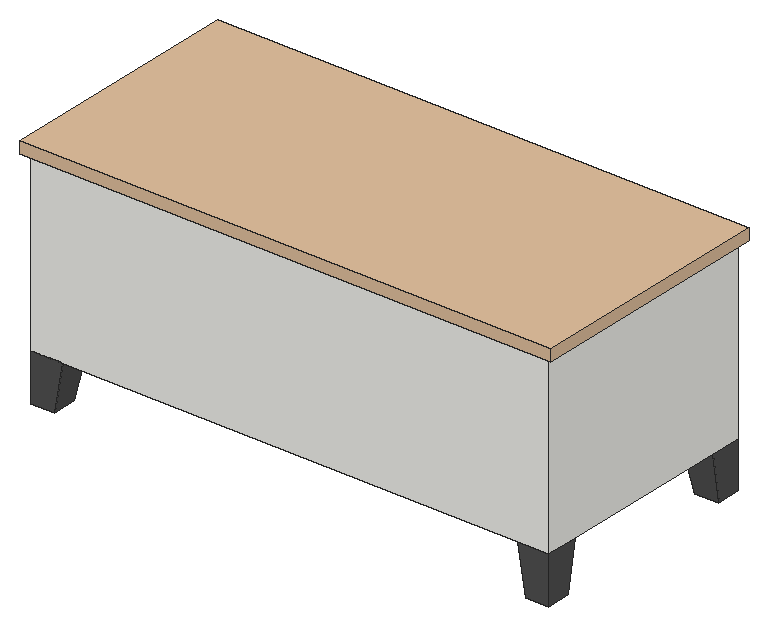
Revit family "Desk-Secretary", category Furniture, Revit 2021
Family settings
  OmniClass Number = 23.40.20.24.31
  OmniClass Title = Desk
  Work Plane-Based = No
  Always vertical = Yes
  Cut with Voids When Loaded = No
  Shared = Yes
  Room Calculation Point = No
Parameters (values of type "66" x 30"")
  Default Elevation = 0' - 0"
  Assembly Code = "E2020200"
  Depth = 2' - 6"
  Body Material = Laminate, Ivory, Matte
  Handle/Leg Material = Steel, Chrome Plated
  Top Material = Cherry
  Height = 2' - 6"
  Leg Height = 0' - 6"
  Width = 5' - 6"
Types (2): name | Width
  60" x 30" | 5' - 0"
  66" x 30" | 5' - 6"
Reference planes (in)
  plane 1: y = 0
  plane 2: z = 0
  plane 3: x = 0
  plane 4: z = 28.5
  plane 5: z = 6
  plane 6: z = 30
  plane 7 "Right": x = 66
  plane 8 "Front": y = 30
  plane 9: x = 33
  plane 10: y = 15
  plane 11: y = 30.5
  plane 12: x = 56
  plane 13: x = 8
  plane 14: z = 12
  plane 15: z = 16.75
  plane 16: z = 21.5
  plane 17: z = 26.25
Forms (in)
  Extrusion 1, solid, material "Laminate, Ivory, Matte" <- "Body Material"
    sketch origin (0, 0, 0) x (1, 0, 0) y (0, 1, 0)
      loop
        line (0, 30) -> (0, 0) -> (66, 0) -> (66, 30) -> (56, 30) -> (56, 2) -> (16, 2) -> (16, 30) -> (0, 30)
    from 6 to 28.5
  Extrusion 2, solid, material "Cherry" <- "Top Material"
    sketch origin (0, 0, 0) x (1, 0, 0) y (0, 1, 0)
      loop
        line (-0.75, 30.75) -> (-0.75, -0.75) -> (66.75, -0.75) -> (66.75, 30.75) -> (-0.75, 30.75)
    from 28.5 to 30
  Blend 3, solid, material "Steel, Chrome Plated" <- "Handle/Leg Material"
    base sketch origin (0, 0, 0) x (1, 0, 0) y (0, 1, 0)
      loop
        line (0, 30) -> (0, 27) -> (3, 27) -> (3, 30) -> (0, 30)
    top sketch origin (0, 0, 0) x (1, 0, 0) y (0, 1, 0)
      loop
        line (0, 30) -> (0, 26) -> (4, 26) -> (4, 30) -> (0, 30)
    from 0 to 6
  Blend 4, solid, material "Steel, Chrome Plated" <- "Handle/Leg Material"
    base sketch origin (0, 0, 0) x (1, 0, 0) y (0, 1, 0)
      loop
        line (0, 0) -> (3, 0) -> (3, 3) -> (0, 3) -> (0, 0)
    top sketch origin (0, 0, 0) x (1, 0, 0) y (0, 1, 0)
      loop
        line (0, 0) -> (4, 0) -> (4, 4) -> (0, 4) -> (0, 0)
    from 0 to 6
  Blend 5, solid, material "Steel, Chrome Plated" <- "Handle/Leg Material"
    base sketch origin (0, 0, 0) x (1, 0, 0) y (0, 1, 0)
      loop
        line (66, 0) -> (66, 3) -> (63, 3) -> (63, 0) -> (66, 0)
    top sketch origin (0, 0, 0) x (1, 0, 0) y (0, 1, 0)
      loop
        line (66, 0) -> (66, 4) -> (62, 4) -> (62, 0) -> (66, 0)
    from 0 to 6
  Blend 6, solid, material "Steel, Chrome Plated" <- "Handle/Leg Material"
    base sketch origin (0, 0, 0) x (1, 0, 0) y (0, 1, 0)
      loop
        line (66, 30) -> (63, 30) -> (63, 27) -> (66, 27) -> (66, 30)
    top sketch origin (0, 0, 0) x (1, 0, 0) y (0, 1, 0)
      loop
        line (66, 30) -> (62, 30) -> (62, 26) -> (66, 26) -> (66, 30)
    from 0 to 6
  Extrusion 7, solid, material "Laminate, Ivory, Matte" <- "Body Material"
    sketch origin (0, 30, 0) x (1, 0, 0) y (0, 0, 1)
      loop
        line (0.75, 27.75) -> (0.75, 23.75) -> (15.25, 23.75) -> (15.25, 27.75) -> (0.75, 27.75)
      loop
        line (0.75, 6.75) -> (15.25, 6.75) -> (15.25, 13.5) -> (0.75, 13.5) -> (0.75, 6.75)
      loop
        line (15.25, 23) -> (0.75, 23) -> (0.75, 19) -> (15.25, 19) -> (15.25, 23)
      loop
        line (15.25, 18.25) -> (0.75, 18.25) -> (0.75, 14.25) -> (15.25, 14.25) -> (15.25, 18.25)
    from -0.5 to 0
  Sweep 8, solid, material "Steel, Chrome Plated" <- "Handle/Leg Material"
    path origin (0, 0, 0) x (1, 0, 0) y (0, 1, 0)
      loop
        line (6, 30.5) -> (6, 31.5) -> (10, 31.5) -> (10, 30.5)
    profile origin (0, 31, 0) x (-1, 0, 0) y (0, 0, 1)
      loop
        line (-6, 12) -> (-6.25, 12) -> (-6.25, 11.5) -> (-6, 11.5) -> (-6, 12)
      loop
        line (-6, 16.75) -> (-6.25, 16.75) -> (-6.25, 16.25) -> (-6, 16.25) -> (-6, 16.75)
      loop
        line (-6, 21.5) -> (-6.25, 21.5) -> (-6.25, 21) -> (-6, 21) -> (-6, 21.5)
      loop
        line (-6, 26.25) -> (-6.25, 26.25) -> (-6.25, 25.75) -> (-6, 25.75) -> (-6, 26.25)
  Extrusion 9, void
    sketch origin (0, 30, 0) x (1, 0, 0) y (0, 0, 1)
      loop
        line (65.25, 6.75) -> (65.25, 27.75) -> (56.75, 27.75) -> (56.75, 6.75) -> (65.25, 6.75)
    from 0 to 28
  Extrusion 10, solid
    sketch origin (0, 0, 0) x (1, 0, 0) y (0, 1, 0)
      loop
        line (16, 15) -> (56, 15) -> (56, 30) -> (16, 30) -> (16, 15)
    from 25 to 25.75
Cuts and joins
  Extrusion 9 cuts Extrusion 1
Lines and regions (in)
  Masking region 1
    outline origin (0, 0, 0) x (1, 0, 0) y (0, 1, 0)
      loop
        line (0, 30) -> (0, 0) -> (66, 0) -> (66, 30) -> (0, 30)
Dimensions and locks (in)
  "Width": plane 7 "Right" to plane 3
  "Depth": plane 1 to plane 8 "Front"
  "Height": plane 2 to plane 6
  plane 5 to plane 2 = 0' - 6"
  plane 4 to plane 6 = 0' - 1 1/2"
  equal spacing: plane 3, plane 9, plane 7 "Right"
  equal spacing: plane 1, plane 10, plane 8 "Front"
  locked: plane 4 to plane 6 at 1.5
  plane 3 to Extrusion 1 sketch curve = 1' - 4"
  Extrusion 1 sketch curve to plane 7 "Right" = 0' - 10"
  "Leg Height": plane 5 to plane 2
  Extrusion 1 to Extrusion 7 sketch curve = 0' - 0 3/4"
  plane 3 to Extrusion 7 sketch curve = 0' - 0 3/4"
  plane 5 to Extrusion 7 sketch curve = 0' - 0 3/4"
  Extrusion 7 sketch curve to plane 4 = 0' - 0 3/4"
  locked: plane 11 to plane 8 "Front" at 0.5
  plane 17 to Extrusion 7 = 0' - 1 1/2"
  plane 16 to Extrusion 7 = 0' - 1 1/2"
  plane 15 to Extrusion 7 = 0' - 1 1/2"
  plane 14 to Extrusion 7 = 0' - 1 1/2"
  plane 12 to plane 7 "Right" = 0' - 10"
  plane 3 to plane 13 = 0' - 8"
  aligned and locked: Extrusion 1 to plane 4
  aligned and locked: plane 4 to Extrusion 2
  aligned and locked: Extrusion 2 to plane 6
  aligned and locked: Extrusion 1 sketch curve to plane 3
  aligned and locked: Extrusion 1 sketch curve to plane 1
  aligned and locked: plane 5 to Extrusion 1
  aligned and locked: Blend 4 to plane 5
  aligned and locked: Blend 5 to plane 5
  aligned and locked: Blend 3 to plane 5
  aligned and locked: Blend 6 to plane 5
  aligned and locked: plane 11 to Extrusion 7
  aligned and locked: plane 8 "Front" to Extrusion 1 sketch curve
  aligned and locked: Extrusion 1 sketch curve to plane 8 "Front"
  aligned and locked: plane 8 "Front" to Masking region 1 sketch curve
  aligned and locked: Masking region 1 sketch curve to plane 7 "Right"
  aligned and locked: plane 3 to Masking region 1 sketch curve
  aligned and locked: Masking region 1 sketch curve to plane 1
  aligned and locked: plane 12 to Extrusion 1
  aligned and locked: Extrusion 1 to Extrusion 9
Automatic sketch dimensions
  Blend 3 sketch curve to plane 8 "Front" = 0' - 0"  (x2)
  plane 3 to Blend 3 sketch curve = 0' - 3"
  plane 8 "Front" to Blend 3 sketch curve = 0' - 3"
  Blend 3 sketch curve to plane 3 = 0' - 0"  (x2)
  plane 3 to Blend 3 sketch curve = 0' - 4"
  plane 8 "Front" to Blend 3 sketch curve = 0' - 4"
  Blend 4 sketch curve to plane 3 = 0' - 0"  (x2)
  Blend 4 sketch curve to Blend 4 sketch curve = 0' - 3"  (x2)
  Blend 4 sketch curve to plane 1 = 0' - 0"  (x2)
  Blend 4 sketch curve to Blend 4 sketch curve = 0' - 4"  (x2)
  Blend 5 sketch curve to plane 7 "Right" = 0' - 0"  (x2)
  Blend 5 sketch curve to Blend 5 sketch curve = 0' - 3"
  Blend 5 sketch curve to plane 1 = 0' - 3"
  Blend 5 sketch curve to Blend 5 sketch curve = 0' - 4"
  Blend 5 sketch curve to plane 1 = 0' - 4"
  Blend 6 sketch curve to plane 7 "Right" = 0' - 0"  (x2)
  Blend 6 sketch curve to Blend 6 sketch curve = 0' - 3"
  plane 8 "Front" to Blend 6 sketch curve = 0' - 3"
  Blend 6 sketch curve to Blend 6 sketch curve = 0' - 4"
  plane 8 "Front" to Blend 6 sketch curve = 0' - 4"
  Blend 5 sketch curve to plane 1 = 0' - 0"  (x2)
  Blend 6 sketch curve to plane 8 "Front" = 0' - 0"  (x2)
  plane 1 to Extrusion 2 sketch curve = 0' - 0 3/4"
  Extrusion 2 sketch curve to plane 8 "Front" = 0' - 0 3/4"
  plane 7 "Right" to Extrusion 2 sketch curve = 0' - 0 3/4"
  Extrusion 2 sketch curve to plane 3 = 0' - 0 3/4"
  Extrusion 7 sketch curve to Extrusion 7 sketch curve = 0' - 6 3/4"
  Extrusion 7 sketch curve to Extrusion 7 sketch curve = 0' - 0 3/4"  (x3)
  Extrusion 7 sketch curve to Extrusion 7 sketch curve = 0' - 4"  (x2)
  plane 3 to Extrusion 7 sketch curve = 0' - 0 3/4"  (x3)
  Extrusion 7 sketch curve to Extrusion 7 sketch curve = 0' - 0"  (x3)
  Extrusion 1 sketch curve to plane 1 = 0' - 2"
  Sweep 8 sketch curve to plane 11 = 0' - 0"  (x2)
  Sweep 8 sketch curve to plane 13 = 0' - 2"
  plane 13 to Sweep 8 sketch curve = 0' - 2"
  Sweep 8 sketch curve to Sweep 8 sketch curve = 0' - 1"
  Sweep 8 sketch curve to plane 14 = 0' - 0"
  Sweep 8 sketch curve to plane 17 = 0' - 0"
  Sweep 8 sketch curve to plane 15 = 0' - 0"
  Sweep 8 sketch curve to plane 16 = 0' - 0"
  Sweep 8 sketch curve to profile plane = 0' - 0"  (x4)
  profile plane to Sweep 8 sketch curve = 0' - 0 1/4"  (x4)
  plane 14 to Sweep 8 sketch curve = 0' - 0 1/2"
  plane 15 to Sweep 8 sketch curve = 0' - 0 1/2"
  plane 16 to Sweep 8 sketch curve = 0' - 0 1/2"
  plane 17 to Sweep 8 sketch curve = 0' - 0 1/2"
  Extrusion 1 sketch curve to plane 7 "Right" = 0' - 0"
  Extrusion 9 sketch curve to plane 12 = 0' - 0 3/4"
  Extrusion 9 sketch curve to plane 7 "Right" = 0' - 0 3/4"
  Extrusion 9 sketch curve to plane 5 = 0' - 0 3/4"
  plane 4 to Extrusion 9 sketch curve = 0' - 0 3/4"
  plane 8 "Front" to Extrusion 10 sketch curve = 0' - 0"
  plane 10 to Extrusion 10 sketch curve = 0' - 0"
  Extrusion 10 sketch curve to plane 12 = 0' - 0"
  plane 13 to Extrusion 10 sketch curve = 0' - 8"
